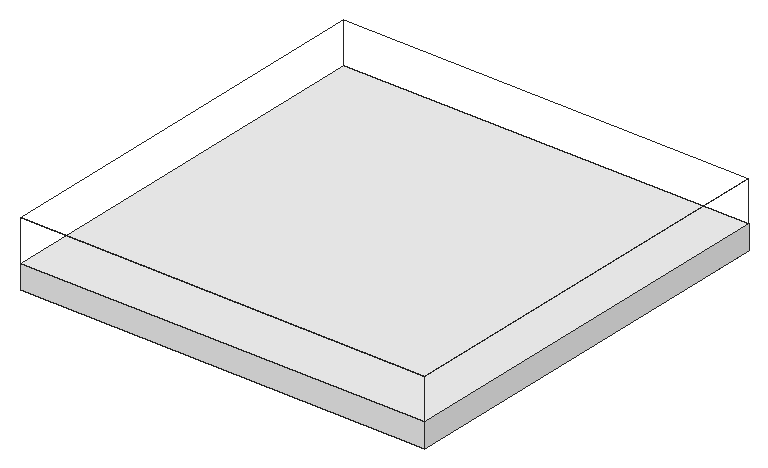
Revit family "Molior 1 Line + S - Generic", category Lighting Fixtures, Revit 2014
Parameters (values of type "Molior 1 Line 600x600 TL")
  Wattage = 14 W
  WarrantyGuarantorParts = "n/a"
  WarrantyDurationParts = "n/a"
  WarrantyDescription = "n/a"
  built-in parameter 1150110 = 1 (stored number, unit not read)
  Void Molior 1 - S = if(Molior line 1 S, 2 mm, -2 mm)  # -2 mm
  Void Molior 1 = if(Molior line 1, 2 mm, -2 mm)  # 2 mm
  Version = "v.1.0"
  Uniclass2 = "Pr_70_70_49_43 Light-Emitting Diode (LED) Luminaires"
  Uniclass 1.4 = "JY73"
  TotalWattage = "Max. 16W / 19W"
  Total height with brackets = 100 mm
  built-in parameter 1114217 = 1 (stored number, unit not read)
  Tilt Angle = 90.00°
  built-in parameter 1150109 = 1 (stored number, unit not read)
  built-in parameter 1150134 = 12
  TagNumber = "n/a"
  SustainabilityPerformance = "n/a"
  built-in parameter 1150113 = 1 (stored number, unit not read)
  SupplyCircuitConductorConnections = "n/a"
  Size = "595 x 595 x 35 mm"
  Shape = "Square"
  ProductInformation = "http://riegens.com/molior-line"
  PhotometricPerformance = "In accordance with BS EN 13032-1"
  Photometric Web File = "Molior 1 line 14W 4000K Lens Clear.ies"
  PhaseReference = "IEC recommendations"
  Optic = "Direct Collimating TIR optic "
  NominalVoltage = "220-240V"
  Molior line 1 S = no
  Molior line 1 = yes
  ModelReference = "Molior 1 Line 600x600 TL"
  Material = "Steel and optic from PMMA."
  ManufacturersSpecificInformation = "n/a"
  ManufacturerURL = "www.riegens.com"
  Manufacturer = "Riegens A/S"
  built-in parameter 1150105 = 1007.3 (stored number, unit not read)
  Lumens = 1596 lm
  LuminaireType = "Recessed Direct LED Luminaire"
  LuminairePowerFactor = ">0,9"
  built-in parameter 1150115 = 1 (stored number, unit not read)
  LightSource = "LED 3000K / 4000K"
  LightFixturePlacingType = "Ceiling"
  LightFixtureMountingType = "Recessed"
  built-in parameter 1150137 = (empty or 0)
  built-in parameter 1150139 = (empty or 0)
  LampType = "LED"
  LampRating = "14W / 17W"
  LampColourRenderingIndex = "Ra>80 / Ra>90 on request"
  built-in parameter 1150112 = 1 (stored number, unit not read)
  built-in parameter 1150114 = 1 (stored number, unit not read)
  InternalFuse = "Only required in emergency versions"
  InsulationStandardClass = "Class 1"
  built-in parameter 1150132 = (empty or 0)
  built-in parameter 1150102 = (empty or 0)
  built-in parameter 1150107 = 4000 (stored number, unit not read)
  built-in parameter 1150138 = (empty or 0)
  built-in parameter 1150106 = 10.073 (stored number, unit not read)
  IfcExportType = "NOTDEFINED"
  IfcExportAs = "IfcLightFixtureType"
  IP_Code = "IP20"
  Height 1 = 35 mm
  HasProtectiveEarth = "TRUE"
  Grade = "n/a"
  Glass Displacement = 0 mm
  Glass Depth = 540 mm
  Glass = Riegens_Glass_opal
  Frame Width = 595 mm
  Frame Length = 595 mm
  Frame = Riegens_Steel_Powder coated white RAL901025
  Finish = "Powder coated"
  Features = "n/a"
  built-in parameter 1150104 = 10.591 (stored number, unit not read)
  Documentation = "See URL hyperlink"
  DocumentReference = "See URL hyperlink"
  Dimming Lamp Color Temperature Shift = <None>
  Description = "70-80-35 General Lighting Systems"
  ControlGearPosition = "Integrated "
  Constituents = "n/a"
  Colour = "White"
  Color Filter = 16777215
  CodePerformance = "n/a"
  Clearance Zones Offset = 60 mm
  Clearance Zones = yes
  Cassette Width = 0 mm
  Cassette Depth = 0 mm
  CCSTopnode = "L"
  CCSClassName = "Belysningsarmatur"
  CCSClassCode = "UAC"
  Bracket for C ceilings = no
  BarCode = "n/a"
  BallastsCELMAEnergyEfficiencyIndex = "Class A1/A2"
  built-in parameter 1114218 = 1 (stored number, unit not read)
  BSAB 96 = "SNB.2"
  BIMObjectName = "Molior 1 Line 600x600 TL.rfa"
  Author = "3dbyggeri"
  built-in parameter 1150133 = 10 (stored number, unit not read)
  AssetType = "Moveable/Fixed"
  AssetIdentifier = "n/a"
  ArticleNumber = "See URL hyperlink"
  AccessibilityPerformance = "n/a"
Types (9, lengths in mm): name | Void Molior 1 - S | Void Molior 1 | Size | Shape | Photometric Web File | Molior line 1 S | Molior line 1 | ModelReference | Frame Width | Frame Length | Bracket for C ceilings | BIMObjectName
  (no name) | -2 | 2 | "595 x 595 x 35 mm" | "Square" | "Molior 1 line 14W 4000K Lens Clear.ies" | no | yes | "Molior 1 Line 600x600 TL" | 595 | 595 | no | "Molior 1 Line 600x600 TL.rfa"
  Molior 1 Line 600x600 SAS 130 | -2 | 2 | "584 x 584 x 35 mm" | "Square" | "Molior 1 line 14W 4000K Lens Clear.ies" | no | yes | "Molior 1 Line 600x600 SAS 130" | 584 | 584 | no | "Molior 1 Line 600x600 SAS 130.rfa"
  Molior 1 Line 600x600 C | -2 | 2 | "599 x 599 x 100 mm" | "Square" | "Molior 1 line 14W 4000K Lens Clear.ies" | no | yes | "Molior 1 Line 600x600 C" | 599 | 599 | yes | "Molior 1 Line 600x600 C.rfa"
  Molior 1 Line 625x625 C | -2 | 2 | "624 x 624 x 100 mm" | "Square" | "Molior 1 line 14W 4000K Lens Clear.ies" | no | yes | "Molior 1 Line 625x625 C" | 624 | 624 | yes | "Molior 1 Line 625x625 C.rfa"
  Molior 1 Line 600x600 TL | -2 | 2 | "595 x 595 x 35 mm" | "Square" | "Molior 1 line 14W 4000K Lens Clear.ies" | no | yes | "Molior 1 Line 600x600 TL" | 595 | 595 | no | "Molior 1 Line 600x600 TL.rfa"
  Molior 1 Line 625x625 TL | -2 | 2 | "620 x 620 x 35 mm" | "Square" | "Molior 1 line 14W 4000K Lens Clear.ies" | no | yes | "Molior 1 Line 625x625 TL" | 620 | 620 | no | "Molior 1 Line 625x625 TL.rfa"
  Molior 1 Line S 600x600 SAS 130 | 2 | -2 | "584 x 584 x 35 mm" | "Square" | "Molior 1 line S 14W 4000K Lens Clear.ies" | yes | no | "Nolior 1 Line S 600x600 SAS 130" | 584 | 584 | no | "Molior 1 Line S 600x600 SAS 130.rfa"
  Molior 1 Line S 600x600 TL | 2 | -2 | "595 x 595 x 35 mm" | "Square" | "Molior 1 line S 14W 4000K Lens Clear.ies" | yes | no | "Nolior 1 Line S 600x600 TL" | 595 | 595 | no | "Molior 1 Line S 600x600 TL.rfa"
  Molior 1 Line 300x600 TL | -2 | 2 | "295 x 595 x 35 mm" | "Rectangle" | "Molior 1 line 14W 4000K Lens Clear.ies" | no | yes | "Molior 1 Line 300x600 TL" | 295 | 595 | no | "Molior 1 Line 300x600 TL.rfa"
Reference planes
  plane 1 "Center (Front/Back)": y = 0
  plane 2: z = 0
  plane 3 "Center (Left/Right)": x = 0
  plane 4: x = -297.5
  plane 5: x = 297.5
  plane 6: y = 297.5
  plane 7: y = -297.5
  plane 8: y = 270
  plane 9: y = -270
  plane 10: x = 0
  plane 11: z = 95
  plane 12: y = 220.1
  plane 13: y = -220.1
  plane 14: z = 35
  plane 15: z = 100
Forms (mm)
  Extrusion 1, solid, material "Riegens_Steel_Powder coated white RAL901025" <- "Frame"
    sketch origin (0, 0, 0) x (1, 0, 0) y (0, 1, 0)
      loop
        line (-297.5, 297.5) -> (-297.5, -297.5) -> (297.5, -297.5) -> (297.5, 297.5) -> (-297.5, 297.5)
    from 0 to 35
  Extrusion 2, solid, material "Riegens_Glass_opal" <- "Glass", visible <- "Molior line 1"
    sketch origin (0, 0, 0) x (1, 0, 0) y (0, 1, 0)
      loop
        arc (-47.5, -235.389) -> (0, -270) -> (47.5, -235.389) r 49.9
        line (47.5, -235.389) -> (47.5, 235.549)
        arc (47.5, 235.549) -> (0, 270.049) -> (-47.5, 235.549) r 49.949
        line (-47.5, 235.549) -> (-47.5, -235.389)
    from 0 to 2
  Extrusion 3, void
    sketch origin (0, 0, 0) x (1, 0, 0) y (0, 1, 0)
      loop
        arc (-47.5, -235.549) -> (0, -270.049) -> (47.5, -235.549) r 49.949
        line (47.5, -235.549) -> (47.5, 235.389)
        arc (47.5, 235.389) -> (0, 270) -> (-47.5, 235.389) r 49.9
        line (-47.5, 235.389) -> (-47.5, -235.549)
    from 0 to 2 <- "Void Molior 1"
  Extrusion 4, solid, material "Riegens_Steel_Powder coated white RAL901025" <- "Frame", visible <- "Bracket for C ceilings"
    sketch origin (0, 0, 0) x (1, 0, 0) y (0, 1, 0)
      loop
        line (-297.5, 270) -> (-297.5, -270) -> (-262.5, -270) -> (-262.5, -268) -> (-295.5, -268) -> (-295.5, 268) -> (-262.5, 268) -> (-262.5, 270) -> (-297.5, 270)
    from 35 to 100
  Extrusion 5, solid, material "Riegens_Steel_Powder coated white RAL901025" <- "Frame", visible <- "Bracket for C ceilings"
    sketch origin (0, 0, 0) x (1, 0, 0) y (0, 1, 0)
      loop
        line (297.5, 270) -> (262.5, 270) -> (262.5, 268) -> (295.5, 268) -> (295.5, -268) -> (262.5, -268) -> (262.5, -270) -> (297.5, -270) -> (297.5, 270)
    from 35 to 100
  Extrusion 6, solid, material "Clearance Zones", visible <- "Clearance Zones"
    sketch origin (0, 0, 0) x (1, 0, 0) y (0, 1, 0)
      loop
        line (-297.5, 297.5) -> (-297.5, -297.5) -> (297.5, -297.5) -> (297.5, 297.5) -> (-297.5, 297.5)
    from 0 to 95
  Extrusion 7, solid, material "Riegens_Glass_opal" <- "Glass", visible <- "Molior line 1 S"
    sketch origin (217, 0, 0) x (1, 0, 0) y (0, 1, 0)
      loop
        arc (-49.5, -235.389) -> (-2, -270) -> (45.5, -235.389) r 49.9
        line (45.5, -235.389) -> (45.5, 235.549)
        arc (45.5, 235.549) -> (-2, 270.049) -> (-49.5, 235.549) r 49.949
        line (-49.5, 235.549) -> (-49.5, -235.389)
    from 0 to 2
  Extrusion 8, void
    sketch origin (217, 0, 0) x (1, 0, 0) y (0, 1, 0)
      loop
        arc (-49.5, -235.549) -> (-2, -270.049) -> (45.5, -235.549) r 49.949
        line (45.5, -235.549) -> (45.5, 235.389)
        arc (45.5, 235.389) -> (-2, 270) -> (-49.5, 235.389) r 49.9
        line (-49.5, 235.389) -> (-49.5, -235.549)
    from 0 to -2 <- "Void Molior 1 - S"
Cuts and joins
  Extrusion 3, Extrusion 8 cuts Extrusion 1
  Extrusion 8 cuts Extrusion 6
Dimensions and locks
  equal spacing: plane 4, plane 3 "Center (Left/Right)", plane 5
  equal spacing: plane 6, plane 1 "Center (Front/Back)", plane 7
  "Frame Length": plane 6 to plane 7
  "Frame Width": plane 4 to plane 5
  locked: plane 1 "Center (Front/Back)" to Extrusion 4 sketch curve at 270
  locked: Extrusion 4 sketch curve to plane 1 "Center (Front/Back)" at 270
  locked: plane 1 "Center (Front/Back)" to Extrusion 5 sketch curve at 270
  locked: Extrusion 5 sketch curve to plane 1 "Center (Front/Back)" at 270
  equal spacing: plane 9, plane 1 "Center (Front/Back)", plane 8
  "Glass Depth": plane 8 to plane 9
  "Glass Displacement": plane 3 "Center (Left/Right)" to plane 10
  locked: plane 10 to Extrusion 3 sketch curve at 47.5
  locked: Extrusion 3 sketch curve to plane 10 at 47.5
  locked: plane 10 to Extrusion 2 sketch curve at 47.5
  locked: Extrusion 2 sketch curve to plane 10 at 47.5
  "Height 1": plane 14 to plane 2
  locked: plane 8 to plane 12 at 49.9
  locked: plane 9 to plane 13 at 49.9
  "Clearance Zones Offset": plane 14 to plane 11
  "Total height with brackets": plane 15 to plane 2
  aligned and locked: Extrusion 1 sketch curve to plane 4
  aligned and locked: Extrusion 1 sketch curve to plane 6
  aligned and locked: Extrusion 1 sketch curve to plane 5
  aligned and locked: Extrusion 1 sketch curve to plane 7
  aligned and locked: Extrusion 6 sketch curve to plane 6
  aligned and locked: Extrusion 6 sketch curve to plane 7
  aligned and locked: plane 4 to Extrusion 6 sketch curve
  aligned and locked: plane 5 to Extrusion 6 sketch curve
  aligned and locked: plane 11 to Extrusion 6
  aligned and locked: plane 10 to Extrusion 3 sketch curve  (x2)
  aligned and locked: plane 10 to Extrusion 2 sketch curve  (x2)
  aligned and locked: plane 13 to Extrusion 3 sketch curve
  aligned and locked: plane 12 to Extrusion 2 sketch curve
  aligned and locked: plane 12 to Extrusion 3 sketch curve
  aligned and locked: plane 13 to Extrusion 2 sketch curve
  aligned and locked: plane 3 "Center (Left/Right)" to imposter light
  aligned and locked: imposter light to plane 1 "Center (Front/Back)"
  aligned and locked: plane 2 to imposter light
  aligned and locked: plane 14 to cut or joined group of Extrusion 1, Extrusion 3, Extrusion 8
  aligned and locked: Extrusion 4 to plane 14
  aligned and locked: Extrusion 5 to Extrusion 4
  aligned and locked: Extrusion 5 to plane 14
  aligned and locked: Extrusion 4 to Extrusion 5
  aligned and locked: plane 15 to Extrusion 4
Automatic sketch dimensions
  plane 13 to Extrusion 2 sketch curve = 15.289 mm
  plane 12 to Extrusion 2 sketch curve = 15.449 mm
  plane 13 to Extrusion 3 sketch curve = 15.449 mm
  plane 12 to Extrusion 3 sketch curve = 15.289 mm
  Extrusion 4 sketch curve to plane 4 = 0 mm
  plane 4 to Extrusion 4 sketch curve = 2 mm
  Extrusion 4 sketch curve to plane 8 = 2 mm
  Extrusion 4 sketch curve to Extrusion 4 sketch curve = 33 mm  (x2)
  Extrusion 4 sketch curve to Extrusion 4 sketch curve = 2 mm
  Extrusion 5 sketch curve to plane 5 = 0 mm
  plane 5 to Extrusion 5 sketch curve = 2 mm
  Extrusion 5 sketch curve to plane 8 = 2 mm
  Extrusion 5 sketch curve to Extrusion 5 sketch curve = 33 mm  (x2)
  Extrusion 5 sketch curve to plane 9 = 2 mm
  plane 13 to Extrusion 7 sketch curve = 0 mm
  plane 12 to Extrusion 7 sketch curve = 0 mm
  plane 13 to Extrusion 7 sketch curve = 15.289 mm
  plane 5 to Extrusion 7 sketch curve = 130 mm
  Extrusion 7 sketch curve to Extrusion 7 sketch curve = 47.5 mm  (x3)
  plane 12 to Extrusion 7 sketch curve = 15.449 mm
  plane 13 to Extrusion 8 sketch curve = 0 mm
  plane 12 to Extrusion 8 sketch curve = 0 mm
  plane 13 to Extrusion 8 sketch curve = 15.449 mm
  plane 5 to Extrusion 8 sketch curve = 130 mm
  Extrusion 8 sketch curve to Extrusion 8 sketch curve = 47.5 mm  (x3)
  plane 12 to Extrusion 8 sketch curve = 15.289 mm
Connectors
  electrical at (0, 0, 35)
    settings: on cut or joined group of Extrusion 1, Extrusion 3, Extrusion 8, index 1, voltage 0 V, apparent load 0 VA, apparent load phase1 0 VA, apparent load phase2 0 VA, apparent load phase3 0 VA, power factor 1, load classification "Other", number of poles 1, system type 31, power factor state 1, is connector primary yes, connector utility no, sub classification motor no, connector description ""
